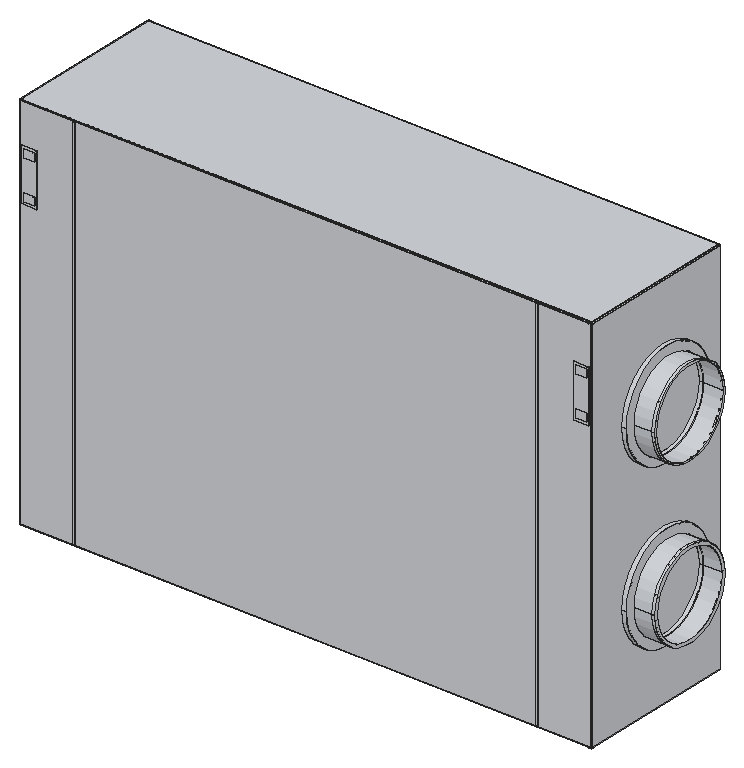
Revit family "Flexit Nordic CL 2 R E 350 L 230", category Mechanical Equipment, Revit 2018
Family settings
  Round Connector Dimension = Use Radius
  Part Type = Normal
  Work Plane-Based = No
  Always vertical = Yes
  Cut with Voids When Loaded = No
  Shared = No
  Room Calculation Point = No
Parameters
  magiProductId = "Flexit Nordic CL 2 R E 350 L 230"
  magiPartTypeId = 210
  magiFamilyGeom = MagiCAD_Flexit Nordic CL 2 R E 350 L 230 : MagiCAD_Flexit Nordic CL 2 R E 350 L 230
  Ytelse  SFP-sum vinter [instance] = "1.68 kJ/m³"
  Weight = 0.00 kg
  Vifte, tilluft  Vinter  Vifteinstilling [instance] = "58 %"
  Vifte, tilluft  Sommer  Vifteinstilling [instance] = ""
  Vifte, avtrekksluft  Vinter  Vifteinstilling [instance] = "60 %"
  Vifte, avtrekksluft  Sommer  Vifteinstilling [instance] = ""
  VersionID = "1.0/2021.0"
  Varmegjenvinning  Vinter  Komponentvirkningsgrad, tilluft (EN308) [instance] = "76.2 %"
  Varmegjenvinning  Sommer  Komponentvirkningsgrad, tilluft (EN308) [instance] = ""
  Varmegjenvinning  Sommer  Aggregatvirkningsgrad, tilluft (EN13141-7) [instance] = ""
  Uteluft [instance] = "160 mm"
  Tilluftskanal, vinter [instance] = "39 50 56 55 56 56 51 40 dB(A)"
  Tilluft  Trykkfall vinter [instance] = 100.0 Pa
  Tilluft  Luftmengde vinter [instance] = "0.0450 m³/s"
  Tilluft [instance] = "160 mm"
  Supply 1 Sound power level [instance] = "66 66 65 58 56 55 50 41 dB"
  Supply 1 Pressure drop min [instance] = 90.0 Pa
  Supply 1 Pressure drop max [instance] = 110.0 Pa
  Supply 1 Pressure drop [instance] = 100.0 Pa
  Supply 1 Airflow operation point min [instance] = 42.75 L/s
  Supply 1 Airflow operation point max [instance] = 47.25 L/s
  Supply 1 Airflow min [instance] = 22.0 L/s
  Supply 1 Airflow max [instance] = 78.0 L/s
  Supply 1 Airflow [instance] = 45.0 L/s
  Resultater  Vekt [instance] = "62 kg"
  Productdata [instance] = "© MagiCAD Group, all rights reserved"
  Pressure rise, supply [instance] = 100.0 Pa
  Pressure rise, extract [instance] = 100.0 Pa
  Outdoor 1 Sound power level [instance] = "66 66 65 58 56 55 50 41 dB"
  Outdoor 1 Pressure drop min [instance] = 0.0 Pa
  Outdoor 1 Pressure drop max [instance] = 0.0 Pa
  Outdoor 1 Pressure drop [instance] = 0.0 Pa
  Outdoor 1 Airflow operation point min [instance] = 42.75 L/s
  Outdoor 1 Airflow operation point max [instance] = 47.25 L/s
  Outdoor 1 Airflow min [instance] = 22.0 L/s
  Outdoor 1 Airflow max [instance] = 78.0 L/s
  Outdoor 1 Airflow [instance] = 45.0 L/s
  Omgivelse, vinter [instance] = "26 30 39 39 35 36 33 23 dB(A)"
  Kjøkkenkanal [instance] = "125 mm"
  Himling, vinter [instance] = "25 25 34 28 26 27 23 14 dB(A)"
  Generelt  Informasjon [instance] = ""
  Generelt  Beskrivelse / Plassering [instance] = ""
  Extract 9 Sound power level [instance] = "63 59 57 39 37 37 24 22 dB"
  Extract 9 Pressure drop min [instance] = 0.0 Pa
  Extract 9 Pressure drop max [instance] = 0.0 Pa
  Extract 9 Pressure drop [instance] = 0.0 Pa
  Extract 9 Airflow operation point min [instance] = 42.75 L/s
  Extract 9 Airflow operation point max [instance] = 47.25 L/s
  Extract 9 Airflow min [instance] = 22.0 L/s
  Extract 9 Airflow max [instance] = 78.0 L/s
  Extract 9 Airflow [instance] = 45.0 L/s
  Extract 1 Sound power level [instance] = "63 59 57 39 37 37 24 22 dB"
  Extract 1 Pressure drop min [instance] = 90.0 Pa
  Extract 1 Pressure drop max [instance] = 110.0 Pa
  Extract 1 Pressure drop [instance] = 100.0 Pa
  Extract 1 Airflow operation point min [instance] = 42.75 L/s
  Extract 1 Airflow operation point max [instance] = 47.25 L/s
  Extract 1 Airflow min [instance] = 22.0 L/s
  Extract 1 Airflow max [instance] = 78.0 L/s
  Extract 1 Airflow [instance] = 45.0 L/s
  Exhaust 1 Sound power level [instance] = "63 59 57 39 37 37 24 22 dB"
  Exhaust 1 Pressure drop min [instance] = 0.0 Pa
  Exhaust 1 Pressure drop max [instance] = 0.0 Pa
  Exhaust 1 Pressure drop [instance] = 0.0 Pa
  Exhaust 1 Airflow operation point min [instance] = 42.75 L/s
  Exhaust 1 Airflow operation point max [instance] = 47.25 L/s
  Exhaust 1 Airflow min [instance] = 22.0 L/s
  Exhaust 1 Airflow max [instance] = 78.0 L/s
  Exhaust 1 Airflow [instance] = 45.0 L/s
  Dimensjoner [instance] = "1149x296x767 mm"
  Avtrekkskanal, vinter [instance] = "37 43 49 36 37 38 25 21 dB(A)"
  Avtrekk  Trykkfall vinter [instance] = 100.0 Pa
  Avtrekk  Luftmengde vinter [instance] = "0.0450 m³/s"
  Avtrekk [instance] = "160 mm"
  Avkast [instance] = "160 mm"
Reference planes
  plane 1 "Center (Front/Back)": y = 0
  plane 2: z = 0
  plane 3 "Center (Left/Right)": x = 0
Forms (mm)
  Extrusion 1, solid, not visible
    sketch origin (1149, 163, 267) x (0, 1, 0) y (0, 0, 1)
      loop
        line (15.24, 15.24) -> (-15.24, 15.24) -> (-15.24, -15.24) -> (15.24, -15.24) -> (15.24, 15.24)
    from 0 to -30.48
  Extrusion 2, solid, not visible
    sketch origin (0, 163, 567) x (0, -1, 0) y (0, 0, 1)
      loop
        line (-15.24, -15.24) -> (15.24, -15.24) -> (15.24, 15.24) -> (-15.24, 15.24) -> (-15.24, -15.24)
    from 0 to -30.48
  Extrusion 3, solid, not visible
    sketch origin (1149, 163, 567) x (0, 1, 0) y (0, 0, 1)
      loop
        line (15.24, 15.24) -> (-15.24, 15.24) -> (-15.24, -15.24) -> (15.24, -15.24) -> (15.24, 15.24)
    from 0 to -30.48
  Extrusion 4, solid, not visible
    sketch origin (288, 163, 0) x (0, 1, 0) y (1, 0, 0)
      loop
        line (-15.24, 15.24) -> (-15.24, -15.24) -> (15.24, -15.24) -> (15.24, 15.24) -> (-15.24, 15.24)
    from 0 to -30.48
  Extrusion 5, solid, not visible
    sketch origin (0, 163, 267) x (0, -1, 0) y (0, 0, 1)
      loop
        line (-15.24, -15.24) -> (15.24, -15.24) -> (15.24, 15.24) -> (-15.24, 15.24) -> (-15.24, -15.24)
    from 0 to -30.48
Text (mm)
  text "© MagiCAD Group, all rights reserved" at (-487.68, -1524, 0), in view "Ref. Level"
Nested families
  nested 1: "MagiCAD_Flexit Nordic CL 2 R E 350 L 230" at (0, 0, 0), type <- "magiFamilyGeom", type "MagiCAD_Flexit Nordic CL 2 R E 350 L 230"
Connectors
  hvac at (1149, 163, 267)
    settings: on Extrusion 1, index 1, duct flow 0.0 L/s, flow factor 0, pres drop 0.0 Pa, loss coef 0, conn angle 0.00°, conn width 304.8 mm, conn height 304.8 mm, conn diameter 160 mm, duct sys type 1, conn prof type 0, flow config 0, flow direction 2, loss method 0, conn ref index -1, conn util no, is conn primary yes, conn desc "Supply 1"
  hvac at (0, 163, 567)
    settings: on Extrusion 2, index 2, duct flow 0.0 L/s, flow factor 0, pres drop 0.0 Pa, loss coef 0, conn angle 0.00°, conn width 304.8 mm, conn height 304.8 mm, conn diameter 160 mm, duct sys type 1, conn prof type 0, flow config 0, flow direction 1, loss method 0, conn ref index -1, conn util no, is conn primary no, conn desc "Outdoor 1"
  hvac at (1149, 163, 567)
    settings: on Extrusion 3, index 3, duct flow 0.0 L/s, flow factor 0, pres drop 0.0 Pa, loss coef 0, conn angle 0.00°, conn width 304.8 mm, conn height 304.8 mm, conn diameter 160 mm, duct sys type 2, conn prof type 0, flow config 0, flow direction 1, loss method 0, conn ref index -1, conn util no, is conn primary no, conn desc "Extract 1"
  hvac at (288, 163, 0)
    settings: on Extrusion 4, index 4, duct flow 0.0 L/s, flow factor 0, pres drop 0.0 Pa, loss coef 0, conn angle 0.00°, conn width 304.8 mm, conn height 304.8 mm, conn diameter 125 mm, duct sys type 2, conn prof type 0, flow config 0, flow direction 1, loss method 0, conn ref index -1, conn util no, is conn primary no, conn desc "Extract 9"
  hvac at (0, 163, 267)
    settings: on Extrusion 5, index 5, duct flow 0.0 L/s, flow factor 0, pres drop 0.0 Pa, loss coef 0, conn angle 0.00°, conn width 304.8 mm, conn height 304.8 mm, conn diameter 160 mm, duct sys type 3, conn prof type 0, flow config 0, flow direction 2, loss method 0, conn ref index -1, conn util no, is conn primary no, conn desc "Exhaust 1"
Definition of nested family "MagiCAD_Flexit Nordic CL 2 R E 350 L 230"
  Reference planes
    plane 1 "Center (Front/Back)": y = 0
    plane 2: z = 0
    plane 3 "Center (Left/Right)": x = 0
  Forms (mm)
    Extrusion 1, solid
      sketch origin (49.5, 163, 267) x (0, -1, 0) y (0, 0, 1)
        loop
          circle (0, 0) r 79.9
      from 0 to 2
    Extrusion 2, void
      sketch origin (49.5, 163, 267) x (0, -1, 0) y (0, 0, 1)
        loop
          circle (0, 0) r 79.7
      from 0.2 to 2
    Extrusion 3, solid
      sketch origin (49.5, 163, 267) x (0, -1, 0) y (0, 0, 1)
        loop
          circle (0, 0) r 80
      from 0 to 49.5
    Extrusion 4, void
      sketch origin (49.5, 163, 267) x (0, -1, 0) y (0, 0, 1)
        loop
          circle (0, 0) r 79.8
      from 0 to 49.5
    Extrusion 5, solid
      sketch origin (49.5, 163, 267) x (0, -1, 0) y (0, 0, 1)
        loop
          circle (0, 0) r 96
      from 0 to 10
    Extrusion 6, void
      sketch origin (49.5, 163, 267) x (0, -1, 0) y (0, 0, 1)
        loop
          circle (0, 0) r 95.8
      from 0 to 10
    Extrusion 7, solid
      sketch origin (4.95, 163, 267) x (0, -1, 0) y (0, 0, 1)
        loop
          circle (0, 0) r 80.05
      from 0 to 4.95
    Extrusion 8, void
      sketch origin (4.95, 163, 267) x (0, -1, 0) y (0, 0, 1)
        loop
          circle (0, 0) r 79.85
      from 0 to 4.95
    Extrusion 9, solid
      sketch origin (1099.5, 163, 567) x (0, 1, 0) y (0, 0, 1)
        loop
          circle (0, 0) r 79.9
      from 0 to 2
    Extrusion 10, void
      sketch origin (1099.5, 163, 567) x (0, 1, 0) y (0, 0, 1)
        loop
          circle (0, 0) r 79.7
      from 0.2 to 2
    Extrusion 11, solid
      sketch origin (1099.5, 163, 567) x (0, 1, 0) y (0, 0, 1)
        loop
          circle (0, 0) r 80
      from 0 to 49.5
    Extrusion 12, void
      sketch origin (1099.5, 163, 567) x (0, 1, 0) y (0, 0, 1)
        loop
          circle (0, 0) r 79.8
      from 0 to 49.5
    Extrusion 13, solid
      sketch origin (1099.5, 163, 567) x (0, 1, 0) y (0, 0, 1)
        loop
          circle (0, 0) r 96
      from 0 to 10
    Extrusion 14, void
      sketch origin (1099.5, 163, 567) x (0, 1, 0) y (0, 0, 1)
        loop
          circle (0, 0) r 95.8
      from 0 to 10
    Extrusion 15, solid
      sketch origin (1144.05, 163, 567) x (0, 1, 0) y (0, 0, 1)
        loop
          circle (0, 0) r 80.05
      from 0 to 4.95
    Extrusion 16, void
      sketch origin (1144.05, 163, 567) x (0, 1, 0) y (0, 0, 1)
        loop
          circle (0, 0) r 79.85
      from 0 to 4.95
    Extrusion 17, solid
      sketch origin (49.5, 163, 567) x (0, -1, 0) y (0, 0, 1)
        loop
          circle (0, 0) r 79.9
      from 0 to 2
    Extrusion 18, void
      sketch origin (49.5, 163, 567) x (0, -1, 0) y (0, 0, 1)
        loop
          circle (0, 0) r 79.7
      from 0.2 to 2
    Extrusion 19, solid
      sketch origin (49.5, 163, 567) x (0, -1, 0) y (0, 0, 1)
        loop
          circle (0, 0) r 80
      from 0 to 49.5
    Extrusion 20, void
      sketch origin (49.5, 163, 567) x (0, -1, 0) y (0, 0, 1)
        loop
          circle (0, 0) r 79.8
      from 0 to 49.5
    Extrusion 21, solid
      sketch origin (49.5, 163, 567) x (0, -1, 0) y (0, 0, 1)
        loop
          circle (0, 0) r 96
      from 0 to 10
    Extrusion 22, void
      sketch origin (49.5, 163, 567) x (0, -1, 0) y (0, 0, 1)
        loop
          circle (0, 0) r 95.8
      from 0 to 10
    Extrusion 23, solid
      sketch origin (4.95, 163, 567) x (0, -1, 0) y (0, 0, 1)
        loop
          circle (0, 0) r 80.05
      from 0 to 4.95
    Extrusion 24, void
      sketch origin (4.95, 163, 567) x (0, -1, 0) y (0, 0, 1)
        loop
          circle (0, 0) r 79.85
      from 0 to 4.95
    Extrusion 25, solid
      sketch origin (1099.5, 163, 267) x (0, 1, 0) y (0, 0, 1)
        loop
          circle (0, 0) r 79.9
      from 0 to 2
    Extrusion 26, void
      sketch origin (1099.5, 163, 267) x (0, 1, 0) y (0, 0, 1)
        loop
          circle (0, 0) r 79.7
      from 0.2 to 2
    Extrusion 27, solid
      sketch origin (1099.5, 163, 267) x (0, 1, 0) y (0, 0, 1)
        loop
          circle (0, 0) r 80
      from 0 to 49.5
    Extrusion 28, void
      sketch origin (1099.5, 163, 267) x (0, 1, 0) y (0, 0, 1)
        loop
          circle (0, 0) r 79.8
      from 0 to 49.5
    Extrusion 29, solid
      sketch origin (1099.5, 163, 267) x (0, 1, 0) y (0, 0, 1)
        loop
          circle (0, 0) r 96
      from 0 to 10
    Extrusion 30, void
      sketch origin (1099.5, 163, 267) x (0, 1, 0) y (0, 0, 1)
        loop
          circle (0, 0) r 95.8
      from 0 to 10
    Extrusion 31, solid
      sketch origin (1144.05, 163, 267) x (0, 1, 0) y (0, 0, 1)
        loop
          circle (0, 0) r 80.05
      from 0 to 4.95
    Extrusion 32, void
      sketch origin (1144.05, 163, 267) x (0, 1, 0) y (0, 0, 1)
        loop
          circle (0, 0) r 79.85
      from 0 to 4.95
    Extrusion 33, solid
      sketch origin (288, 163, 67) x (0, 1, 0) y (1, 0, 0)
        loop
          circle (0, 0) r 62.4
      from 0 to 2
    Extrusion 34, void
      sketch origin (288, 163, 67) x (0, 1, 0) y (1, 0, 0)
        loop
          circle (0, 0) r 62.2
      from 0.2 to 2
    Extrusion 35, solid
      sketch origin (288, 163, 67) x (0, 1, 0) y (1, 0, 0)
        loop
          circle (0, 0) r 62.5
      from 0 to 67
    Extrusion 36, void
      sketch origin (288, 163, 67) x (0, 1, 0) y (1, 0, 0)
        loop
          circle (0, 0) r 62.3
      from 0 to 67
    Extrusion 37, solid
      sketch origin (288, 163, 67) x (0, 1, 0) y (1, 0, 0)
        loop
          circle (0, 0) r 75
      from 0 to 10
    Extrusion 38, void
      sketch origin (288, 163, 67) x (0, 1, 0) y (1, 0, 0)
        loop
          circle (0, 0) r 74.8
      from 0 to 10
    Extrusion 39, solid
      sketch origin (288, 163, 6.7) x (0, 1, 0) y (1, 0, 0)
        loop
          circle (0, 0) r 62.55
      from 0 to 6.7
    Extrusion 40, void
      sketch origin (288, 163, 6.7) x (0, 1, 0) y (1, 0, 0)
        loop
          circle (0, 0) r 62.35
      from 0 to 6.7
    Extrusion 41, solid
      sketch origin (39.5, 163, 267) x (0, -1, 0) y (0, 0, 1)
        loop
          circle (0, 0) r 80.05
        loop
          circle (0, 0) r 96
      from -0.1 to 0.1
    Extrusion 42, solid
      sketch origin (47.5, 163, 267) x (0, -1, 0) y (0, 0, 1)
        loop
          circle (0, 0) r 79.9
      from -0.1 to 0.1
    Extrusion 43, solid
      sketch origin (0, 163, 267) x (0, -1, 0) y (0, 0, 1)
        loop
          circle (0, 0) r 78
        loop
          circle (0, 0) r 80
      from -0.1 to 0.1
    Extrusion 44, solid
      sketch origin (1109.5, 163, 567) x (0, 1, 0) y (0, 0, 1)
        loop
          circle (0, 0) r 80.05
        loop
          circle (0, 0) r 96
      from -0.1 to 0.1
    Extrusion 45, solid
      sketch origin (1101.5, 163, 567) x (0, 1, 0) y (0, 0, 1)
        loop
          circle (0, 0) r 79.9
      from -0.1 to 0.1
    Extrusion 46, solid
      sketch origin (1149, 163, 567) x (0, 1, 0) y (0, 0, 1)
        loop
          circle (0, 0) r 78
        loop
          circle (0, 0) r 80
      from -0.1 to 0.1
    Extrusion 47, solid
      sketch origin (39.5, 163, 567) x (0, -1, 0) y (0, 0, 1)
        loop
          circle (0, 0) r 80.05
        loop
          circle (0, 0) r 96
      from -0.1 to 0.1
    Extrusion 48, solid
      sketch origin (47.5, 163, 567) x (0, -1, 0) y (0, 0, 1)
        loop
          circle (0, 0) r 79.9
      from -0.1 to 0.1
    Extrusion 49, solid
      sketch origin (0, 163, 567) x (0, -1, 0) y (0, 0, 1)
        loop
          circle (0, 0) r 78
        loop
          circle (0, 0) r 80
      from -0.1 to 0.1
    Extrusion 50, solid
      sketch origin (1109.5, 163, 267) x (0, 1, 0) y (0, 0, 1)
        loop
          circle (0, 0) r 80.05
        loop
          circle (0, 0) r 96
      from -0.1 to 0.1
    Extrusion 51, solid
      sketch origin (1101.5, 163, 267) x (0, 1, 0) y (0, 0, 1)
        loop
          circle (0, 0) r 79.9
      from -0.1 to 0.1
    Extrusion 52, solid
      sketch origin (1149, 163, 267) x (0, 1, 0) y (0, 0, 1)
        loop
          circle (0, 0) r 75.05
        loop
          circle (0, 0) r 80
      from -0.1 to 0.1
    Extrusion 53, solid
      sketch origin (288, 163, 57) x (0, 1, 0) y (1, 0, 0)
        loop
          circle (0, 0) r 62.55
        loop
          circle (0, 0) r 75
      from -0.1 to 0.1
    Extrusion 54, solid
      sketch origin (288, 163, 65) x (0, 1, 0) y (1, 0, 0)
        loop
          circle (0, 0) r 62.4
      from -0.1 to 0.1
    Extrusion 55, solid
      sketch origin (288, 163, 0) x (0, 1, 0) y (1, 0, 0)
        loop
          circle (0, 0) r 60.5
        loop
          circle (0, 0) r 62.5
      from -0.1 to 0.1
    Extrusion 56, solid
      sketch origin (51.5, 294, 765) x (1, 0, 0) y (0, 1, 0)
        loop
          line (1046, 0) -> (1046, 2) -> (0, 2) -> (0, 0) -> (1046, 0)
      from -0.1 to 0.1
    Extrusion 57, solid
      sketch origin (51.5, 294, 767) x (0, 0, 1) y (1, 0, 0)
        loop
          line (0, 1046) -> (-2, 1046) -> (-2, 0) -> (0, 0) -> (0, 1046)
      from -0.1 to 0.1
    Extrusion 58, solid
      sketch origin (51.5, 296, 765) x (1, 0, 0) y (0, -0.707107, 0.707107)
        loop
          line (1046, 0) -> (1046, 2.828) -> (0, 2.828) -> (0, 0) -> (1046, 0)
      from -0.1 to 0.1
    Extrusion 59, solid
      sketch origin (1097.5, 294, 765) x (0, 1, 0) y (0, 0, 1)
        loop
          line (2, 0) -> (0, 2) -> (0, 0) -> (2, 0)
      from -0.1 to 0.1
    Extrusion 60, solid
      sketch origin (51.5, 294, 765) x (0, 1, 0) y (0, 0, 1)
        loop
          line (2, 0) -> (0, 2) -> (0, 0) -> (2, 0)
      from -0.1 to 0.1
    Extrusion 61, solid
      sketch origin (51.5, 294, 69) x (0, 0, 1) y (1, 0, 0)
        loop
          line (0, 1046) -> (-2, 1046) -> (-2, 0) -> (0, 0) -> (0, 1046)
      from -0.1 to 0.1
    Extrusion 62, solid
      sketch origin (51.5, 296, 69) x (0, 1, 0) y (1, 0, 0)
        loop
          line (0, 1046) -> (-2, 1046) -> (-2, 0) -> (0, 0) -> (0, 1046)
      from -0.1 to 0.1
    Extrusion 63, solid
      sketch origin (51.5, 294, 67) x (1, 0, 0) y (0, 0.707107, 0.707107)
        loop
          line (1046, 0) -> (1046, 2.828) -> (0, 2.828) -> (0, 0) -> (1046, 0)
      from -0.1 to 0.1
    Extrusion 64, solid
      sketch origin (1097.5, 294, 69) x (0, 1, 0) y (0, 0, 1)
        loop
          line (0, -2) -> (2, 0) -> (0, 0) -> (0, -2)
      from -0.1 to 0.1
    Extrusion 65, solid
      sketch origin (51.5, 294, 69) x (0, 1, 0) y (0, 0, 1)
        loop
          line (0, -2) -> (2, 0) -> (0, 0) -> (0, -2)
      from -0.1 to 0.1
    Extrusion 66, solid
      sketch origin (1097.5, 294, 765) x (0, 1, 0) y (0, 0, 1)
        loop
          line (0, -696) -> (2, -696) -> (2, 0) -> (0, 0) -> (0, -696)
      from -0.1 to 0.1
    Extrusion 67, solid
      sketch origin (1099.5, 294, 765) x (0, 0, 1) y (1, 0, 0)
        loop
          line (-696, 0) -> (-696, -2) -> (0, -2) -> (0, 0) -> (-696, 0)
      from -0.1 to 0.1
    Extrusion 68, solid
      sketch origin (1097.5, 296, 765) x (0.707107, -0.707107, 0) y (0, 0, 1)
        loop
          line (0, -696) -> (2.828, -696) -> (2.828, 0) -> (0, 0) -> (0, -696)
      from -0.1 to 0.1
    Extrusion 69, solid
      sketch origin (1097.5, 294, 69) x (0, 1, 0) y (1, 0, 0)
        loop
          line (2, 0) -> (0, 2) -> (0, 0) -> (2, 0)
      from -0.1 to 0.1
    Extrusion 70, solid
      sketch origin (1097.5, 294, 765) x (0, 1, 0) y (1, 0, 0)
        loop
          line (2, 0) -> (0, 2) -> (0, 0) -> (2, 0)
      from -0.1 to 0.1
    Extrusion 71, solid
      sketch origin (51.5, 294, 765) x (0, 1, 0) y (0, 0, 1)
        loop
          line (0, -696) -> (2, -696) -> (2, 0) -> (0, 0) -> (0, -696)
      from -0.1 to 0.1
    Extrusion 72, solid
      sketch origin (49.5, 294, 765) x (0, 0, -1) y (1, 0, 0)
        loop
          line (696, 0) -> (696, 2) -> (0, 2) -> (0, 0) -> (696, 0)
      from -0.1 to 0.1
    Extrusion 73, solid
      sketch origin (51.5, 296, 765) x (0.707107, 0.707107, 0) y (0, 0, -1)
        loop
          line (0, 696) -> (-2.828, 696) -> (-2.828, 0) -> (0, 0) -> (0, 696)
      from -0.1 to 0.1
    Extrusion 74, solid
      sketch origin (51.5, 294, 69) x (1, 0, 0) y (0, 1, 0)
        loop
          line (0, 2) -> (-2, 0) -> (0, 0) -> (0, 2)
      from -0.1 to 0.1
    Extrusion 75, solid
      sketch origin (51.5, 294, 765) x (1, 0, 0) y (0, 1, 0)
        loop
          line (0, 2) -> (-2, 0) -> (0, 0) -> (0, 2)
      from -0.1 to 0.1
    Extrusion 76, solid
      sketch origin (1097.5, 2, 765) x (0, 0, -1) y (1, 0, 0)
        loop
          line (696, 0) -> (696, 2) -> (0, 2) -> (0, 0) -> (696, 0)
      from -0.1 to 0.1
    Extrusion 77, solid
      sketch origin (1097.5, 0, 765) x (0, 1, 0) y (0, 0, 1)
        loop
          line (0, -696) -> (2, -696) -> (2, 0) -> (0, 0) -> (0, -696)
      from -0.1 to 0.1
    Extrusion 78, solid
      sketch origin (1099.5, 2, 765) x (0.707107, 0.707107, 0) y (0, 0, -1)
        loop
          line (0, 696) -> (-2.828, 696) -> (-2.828, 0) -> (0, 0) -> (0, 696)
      from -0.1 to 0.1
    Extrusion 79, solid
      sketch origin (1097.5, 2, 69) x (0, 1, 0) y (1, 0, 0)
        loop
          line (0, 2) -> (-2, 0) -> (0, 0) -> (0, 2)
      from -0.1 to 0.1
    Extrusion 80, solid
      sketch origin (1097.5, 2, 765) x (0, 1, 0) y (1, 0, 0)
        loop
          line (0, 2) -> (-2, 0) -> (0, 0) -> (0, 2)
      from -0.1 to 0.1
    Extrusion 81, solid
      sketch origin (51.5, 2, 765) x (0, 0, 1) y (1, 0, 0)
        loop
          line (-696, 0) -> (-696, -2) -> (0, -2) -> (0, 0) -> (-696, 0)
      from -0.1 to 0.1
    Extrusion 82, solid
      sketch origin (51.5, 0, 765) x (0, 1, 0) y (0, 0, 1)
        loop
          line (0, -696) -> (2, -696) -> (2, 0) -> (0, 0) -> (0, -696)
      from -0.1 to 0.1
    Extrusion 83, solid
      sketch origin (49.5, 2, 765) x (0.707107, -0.707107, 0) y (0, 0, 1)
        loop
          line (0, -696) -> (2.828, -696) -> (2.828, 0) -> (0, 0) -> (0, -696)
      from -0.1 to 0.1
    Extrusion 84, solid
      sketch origin (51.5, 2, 69) x (1, 0, 0) y (0, 1, 0)
        loop
          line (-2, 0) -> (0, -2) -> (0, 0) -> (-2, 0)
      from -0.1 to 0.1
    Extrusion 85, solid
      sketch origin (51.5, 2, 765) x (1, 0, 0) y (0, 1, 0)
        loop
          line (-2, 0) -> (0, -2) -> (0, 0) -> (-2, 0)
      from -0.1 to 0.1
    Extrusion 86, solid
      sketch origin (51.5, 2, 765) x (0, 0, -1) y (1, 0, 0)
        loop
          line (0, 1046) -> (-2, 1046) -> (-2, 0) -> (0, 0) -> (0, 1046)
      from -0.1 to 0.1
    Extrusion 87, solid
      sketch origin (51.5, 0, 765) x (1, 0, 0) y (0, 1, 0)
        loop
          line (1046, 0) -> (1046, 2) -> (0, 2) -> (0, 0) -> (1046, 0)
      from -0.1 to 0.1
    Extrusion 88, solid
      sketch origin (51.5, 2, 767) x (1, 0, 0) y (0, -0.707107, -0.707107)
        loop
          line (1046, 0) -> (1046, 2.828) -> (0, 2.828) -> (0, 0) -> (1046, 0)
      from -0.1 to 0.1
    Extrusion 89, solid
      sketch origin (1097.5, 2, 765) x (0, 1, 0) y (0, 0, 1)
        loop
          line (0, 2) -> (-2, 0) -> (0, 0) -> (0, 2)
      from -0.1 to 0.1
    Extrusion 90, solid
      sketch origin (51.5, 2, 765) x (0, 1, 0) y (0, 0, 1)
        loop
          line (0, 2) -> (-2, 0) -> (0, 0) -> (0, 2)
      from -0.1 to 0.1
    Extrusion 91, solid
      sketch origin (51.5, 2, 69) x (0, 1, 0) y (1, 0, 0)
        loop
          line (0, 1046) -> (-2, 1046) -> (-2, 0) -> (0, 0) -> (0, 1046)
      from -0.1 to 0.1
    Extrusion 92, solid
      sketch origin (51.5, 2, 67) x (0, 0, -1) y (1, 0, 0)
        loop
          line (0, 1046) -> (-2, 1046) -> (-2, 0) -> (0, 0) -> (0, 1046)
      from -0.1 to 0.1
    Extrusion 93, solid
      sketch origin (51.5, 0, 69) x (1, 0, 0) y (0, 0.707107, -0.707107)
        loop
          line (1046, 0) -> (1046, 2.828) -> (0, 2.828) -> (0, 0) -> (1046, 0)
      from -0.1 to 0.1
    Extrusion 94, solid
      sketch origin (1097.5, 2, 69) x (0, 1, 0) y (0, 0, 1)
        loop
          line (-2, 0) -> (0, -2) -> (0, 0) -> (-2, 0)
      from -0.1 to 0.1
    Extrusion 95, solid
      sketch origin (51.5, 2, 69) x (0, 1, 0) y (0, 0, 1)
        loop
          line (-2, 0) -> (0, -2) -> (0, 0) -> (-2, 0)
      from -0.1 to 0.1
    Extrusion 96, solid
      sketch origin (1097.5, 2, 765) x (0, 1, 0) y (0, 0, 1)
        loop
          line (292, 0) -> (292, 2) -> (0, 2) -> (0, 0) -> (292, 0)
      from -0.1 to 0.1
    Extrusion 97, solid
      sketch origin (1099.5, 2, 765) x (1, 0, 0) y (0, 1, 0)
        loop
          line (0, 292) -> (-2, 292) -> (-2, 0) -> (0, 0) -> (0, 292)
      from -0.1 to 0.1
    Extrusion 98, solid
      sketch origin (1097.5, 2, 767) x (0.707107, 0, -0.707107) y (0, -1, 0)
        loop
          line (0, -292) -> (2.828, -292) -> (2.828, 0) -> (0, 0) -> (0, -292)
      from -0.1 to 0.1
    Extrusion 99, solid
      sketch origin (1097.5, 294, 765) x (0, 0, 1) y (1, 0, 0)
        loop
          line (2, 0) -> (0, 2) -> (0, 0) -> (2, 0)
      from -0.1 to 0.1
    Extrusion 100, solid
      sketch origin (1097.5, 2, 765) x (0, 0, 1) y (1, 0, 0)
        loop
          line (2, 0) -> (0, 2) -> (0, 0) -> (2, 0)
      from -0.1 to 0.1
    Extrusion 101, solid
      sketch origin (1097.5, 2, 69) x (0, 1, 0) y (1, 0, 0)
        loop
          line (292, 0) -> (292, 2) -> (0, 2) -> (0, 0) -> (292, 0)
      from -0.1 to 0.1
    Extrusion 102, solid
      sketch origin (1097.5, 2, 67) x (0, 1, 0) y (0, 0, 1)
        loop
          line (292, 0) -> (292, 2) -> (0, 2) -> (0, 0) -> (292, 0)
      from -0.1 to 0.1
    Extrusion 103, solid
      sketch origin (1099.5, 2, 69) x (0.707107, 0, 0.707107) y (0, 1, 0)
        loop
          line (0, 292) -> (-2.828, 292) -> (-2.828, 0) -> (0, 0) -> (0, 292)
      from -0.1 to 0.1
    Extrusion 104, solid
      sketch origin (1097.5, 294, 69) x (0, 0, 1) y (1, 0, 0)
        loop
          line (0, 2) -> (-2, 0) -> (0, 0) -> (0, 2)
      from -0.1 to 0.1
    Extrusion 105, solid
      sketch origin (1097.5, 2, 69) x (0, 0, 1) y (1, 0, 0)
        loop
          line (0, 2) -> (-2, 0) -> (0, 0) -> (0, 2)
      from -0.1 to 0.1
    Extrusion 106, solid
      sketch origin (51.5, 2, 765) x (0, 1, 0) y (0, 0, 1)
        loop
          line (292, 0) -> (292, 2) -> (0, 2) -> (0, 0) -> (292, 0)
      from -0.1 to 0.1
    Extrusion 107, solid
      sketch origin (49.5, 2, 765) x (0, 1, 0) y (1, 0, 0)
        loop
          line (292, 0) -> (292, 2) -> (0, 2) -> (0, 0) -> (292, 0)
      from -0.1 to 0.1
    Extrusion 108, solid
      sketch origin (51.5, 2, 767) x (0.707107, 0, 0.707107) y (0, 1, 0)
        loop
          line (0, 292) -> (-2.828, 292) -> (-2.828, 0) -> (0, 0) -> (0, 292)
      from -0.1 to 0.1
    Extrusion 109, solid
      sketch origin (51.5, 294, 765) x (0, 0, -1) y (1, 0, 0)
        loop
          line (-2, 0) -> (0, -2) -> (0, 0) -> (-2, 0)
      from -0.1 to 0.1
    Extrusion 110, solid
      sketch origin (51.5, 2, 765) x (0, 0, -1) y (1, 0, 0)
        loop
          line (-2, 0) -> (0, -2) -> (0, 0) -> (-2, 0)
      from -0.1 to 0.1
    Extrusion 111, solid
      sketch origin (51.5, 2, 69) x (1, 0, 0) y (0, 1, 0)
        loop
          line (0, 292) -> (-2, 292) -> (-2, 0) -> (0, 0) -> (0, 292)
      from -0.1 to 0.1
    Extrusion 112, solid
      sketch origin (51.5, 2, 67) x (0, 1, 0) y (0, 0, 1)
        loop
          line (292, 0) -> (292, 2) -> (0, 2) -> (0, 0) -> (292, 0)
      from -0.1 to 0.1
    Extrusion 113, solid
      sketch origin (49.5, 2, 69) x (0.707107, 0, -0.707107) y (0, -1, 0)
        loop
          line (0, -292) -> (2.828, -292) -> (2.828, 0) -> (0, 0) -> (0, -292)
      from -0.1 to 0.1
    Extrusion 114, solid
      sketch origin (51.5, 294, 69) x (0, 0, -1) y (1, 0, 0)
        loop
          line (0, -2) -> (2, 0) -> (0, 0) -> (0, -2)
      from -0.1 to 0.1
    Extrusion 115, solid
      sketch origin (51.5, 2, 69) x (0, 0, -1) y (1, 0, 0)
        loop
          line (0, -2) -> (2, 0) -> (0, 0) -> (0, -2)
      from -0.1 to 0.1
    Extrusion 116, solid
      sketch origin (51.5, 2, 765) x (0, -1, 0) y (0, 0, 1)
        loop
          line (0, 2) -> (-292, 2) -> (-292, 0) -> (0, 0) -> (0, 2)
      from -0.1 to 0.1
    Extrusion 117, solid
      sketch origin (1097.5, 2, 765) x (0, 0, -1) y (1, 0, 0)
        loop
          line (-2, 0) -> (-2, -1046) -> (0, -1046) -> (0, 0) -> (-2, 0)
      from -0.1 to 0.1
    Extrusion 118, solid
      sketch origin (1097.5, 294, 765) x (0, 1, 0) y (0, 0, 1)
        loop
          line (0, 2) -> (-292, 2) -> (-292, 0) -> (0, 0) -> (0, 2)
      from -0.1 to 0.1
    Extrusion 119, solid
      sketch origin (51.5, 294, 765) x (0, 0, 1) y (1, 0, 0)
        loop
          line (2, 0) -> (2, 1046) -> (0, 1046) -> (0, 0) -> (2, 0)
      from -0.1 to 0.1
    Extrusion 120, solid
      sketch origin (1097.5, 2, 767) x (1, 0, 0) y (0, 1, 0)
        loop
          line (0, 292) -> (-1046, 292) -> (-1046, 0) -> (0, 0) -> (0, 292)
      from -0.1 to 0.1
    Extrusion 121, solid
      sketch origin (1097.5, 2, 765) x (1, 0, 0) y (0, 1, 0)
        loop
          line (0, 292) -> (-1046, 292) -> (-1046, 0) -> (0, 0) -> (0, 292)
      from -0.1 to 0.1
    Extrusion 122, solid
      sketch origin (51.5, 2, 69) x (0, 0, 1) y (1, 0, 0)
        loop
          line (0, -2) -> (696, -2) -> (696, 0) -> (0, 0) -> (0, -2)
      from -0.1 to 0.1
    Extrusion 123, solid
      sketch origin (51.5, 294, 69) x (1, 0, 0) y (0, 1, 0)
        loop
          line (-2, 0) -> (-2, -292) -> (0, -292) -> (0, 0) -> (-2, 0)
      from -0.1 to 0.1
    Extrusion 124, solid
      sketch origin (51.5, 294, 765) x (0, 0, -1) y (1, 0, 0)
        loop
          line (0, -2) -> (696, -2) -> (696, 0) -> (0, 0) -> (0, -2)
      from -0.1 to 0.1
    Extrusion 125, solid
      sketch origin (51.5, 2, 765) x (0, 1, 0) y (1, 0, 0)
        loop
          line (0, -2) -> (292, -2) -> (292, 0) -> (0, 0) -> (0, -2)
      from -0.1 to 0.1
    Extrusion 126, solid
      sketch origin (49.5, 2, 69) x (0, -1, 0) y (0, 0, 1)
        loop
          line (0, 696) -> (-292, 696) -> (-292, 0) -> (0, 0) -> (0, 696)
      from -0.1 to 0.1
    Extrusion 127, solid
      sketch origin (51.5, 2, 69) x (0, -1, 0) y (0, 0, 1)
        loop
          line (0, 696) -> (-292, 696) -> (-292, 0) -> (0, 0) -> (0, 696)
      from -0.1 to 0.1
    Extrusion 128, solid
      sketch origin (51.5, 294, 69) x (0, 1, 0) y (0, 0, 1)
        loop
          line (2, 0) -> (2, 696) -> (0, 696) -> (0, 0) -> (2, 0)
      from -0.1 to 0.1
    Extrusion 129, solid
      sketch origin (1097.5, 294, 69) x (1, 0, 0) y (0, 1, 0)
        loop
          line (0, 2) -> (-1046, 2) -> (-1046, 0) -> (0, 0) -> (0, 2)
      from -0.1 to 0.1
    Extrusion 130, solid
      sketch origin (1097.5, 294, 765) x (0, -1, 0) y (0, 0, 1)
        loop
          line (-2, 0) -> (-2, -696) -> (0, -696) -> (0, 0) -> (-2, 0)
      from -0.1 to 0.1
    Extrusion 131, solid
      sketch origin (51.5, 294, 765) x (0, 1, 0) y (1, 0, 0)
        loop
          line (2, 0) -> (2, 1046) -> (0, 1046) -> (0, 0) -> (2, 0)
      from -0.1 to 0.1
    Extrusion 132, solid
      sketch origin (51.5, 296, 69) x (0, 0, 1) y (1, 0, 0)
        loop
          line (696, 0) -> (696, 1046) -> (0, 1046) -> (0, 0) -> (696, 0)
      from -0.1 to 0.1
    Extrusion 133, solid
      sketch origin (51.5, 294, 69) x (0, 0, 1) y (1, 0, 0)
        loop
          line (696, 0) -> (696, 1046) -> (0, 1046) -> (0, 0) -> (696, 0)
      from -0.1 to 0.1
    Extrusion 134, solid
      sketch origin (1097.5, 294, 69) x (0, 0, -1) y (1, 0, 0)
        loop
          line (0, 2) -> (-696, 2) -> (-696, 0) -> (0, 0) -> (0, 2)
      from -0.1 to 0.1
    Extrusion 135, solid
      sketch origin (1097.5, 2, 69) x (1, 0, 0) y (0, 1, 0)
        loop
          line (2, 0) -> (2, 292) -> (0, 292) -> (0, 0) -> (2, 0)
      from -0.1 to 0.1
    Extrusion 136, solid
      sketch origin (1097.5, 2, 765) x (0, 0, 1) y (1, 0, 0)
        loop
          line (0, 2) -> (-696, 2) -> (-696, 0) -> (0, 0) -> (0, 2)
      from -0.1 to 0.1
    Extrusion 137, solid
      sketch origin (1097.5, 294, 765) x (0, 1, 0) y (1, 0, 0)
        loop
          line (0, 2) -> (-292, 2) -> (-292, 0) -> (0, 0) -> (0, 2)
      from -0.1 to 0.1
    Extrusion 138, solid
      sketch origin (1099.5, 294, 69) x (0, 1, 0) y (0, 0, 1)
        loop
          line (0, 696) -> (-292, 696) -> (-292, 0) -> (0, 0) -> (0, 696)
      from -0.1 to 0.1
    Extrusion 139, solid
      sketch origin (1097.5, 294, 69) x (0, 1, 0) y (0, 0, 1)
        loop
          line (0, 696) -> (-292, 696) -> (-292, 0) -> (0, 0) -> (0, 696)
      from -0.1 to 0.1
    Extrusion 140, solid
      sketch origin (51.5, 2, 69) x (0, 1, 0) y (0, 0, 1)
        loop
          line (0, -2) -> (292, -2) -> (292, 0) -> (0, 0) -> (0, -2)
      from -0.1 to 0.1
    Extrusion 141, solid
      sketch origin (1097.5, 2, 69) x (0, 0, 1) y (1, 0, 0)
        loop
          line (-2, 0) -> (-2, -1046) -> (0, -1046) -> (0, 0) -> (-2, 0)
      from -0.1 to 0.1
    Extrusion 142, solid
      sketch origin (1097.5, 294, 69) x (0, -1, 0) y (0, 0, 1)
        loop
          line (0, -2) -> (292, -2) -> (292, 0) -> (0, 0) -> (0, -2)
      from -0.1 to 0.1
    Extrusion 143, solid
      sketch origin (51.5, 294, 69) x (0, 0, -1) y (1, 0, 0)
        loop
          line (2, 0) -> (2, 1046) -> (0, 1046) -> (0, 0) -> (2, 0)
      from -0.1 to 0.1
    Extrusion 144, solid
      sketch origin (51.5, 2, 67) x (0, 1, 0) y (1, 0, 0)
        loop
          line (292, 0) -> (292, 1046) -> (0, 1046) -> (0, 0) -> (292, 0)
      from -0.1 to 0.1
    Extrusion 145, solid
      sketch origin (51.5, 2, 69) x (0, 1, 0) y (1, 0, 0)
        loop
          line (292, 0) -> (292, 1046) -> (0, 1046) -> (0, 0) -> (292, 0)
      from -0.1 to 0.1
    Extrusion 146, solid
      sketch origin (1097.5, 296, 765) x (0.816497, -0.408248, -0.408248) y (0, -0.707107, 0.707107)
        loop
          line (2.449, 1.414) -> (0, 2.828) -> (0, 0) -> (2.449, 1.414)
      from -0.1 to 0.1
    Extrusion 147, solid
      sketch origin (1097.5, 2, 67) x (0.816497, 0.408248, 0.408248) y (0, 0.707107, -0.707107)
        loop
          line (0, -2.828) -> (2.449, -1.414) -> (0, 0) -> (0, -2.828)
      from -0.1 to 0.1
    Extrusion 148, solid
      sketch origin (1099.5, 2, 765) x (0.816497, 0.408248, -0.408248) y (0, 0.707107, 0.707107)
        loop
          line (-2.449, 1.414) -> (-2.449, -1.414) -> (0, 0) -> (-2.449, 1.414)
      from -0.1 to 0.1
    Extrusion 149, solid
      sketch origin (51.5, 296, 765) x (0.816497, 0.408248, 0.408248) y (0, 0.707107, -0.707107)
        loop
          line (-2.449, -1.414) -> (0, -2.828) -> (0, 0) -> (-2.449, -1.414)
      from -0.1 to 0.1
    Extrusion 150, solid
      sketch origin (49.5, 294, 69) x (0.816497, 0.408248, -0.408248) y (0, -0.707107, -0.707107)
        loop
          line (2.449, -1.414) -> (2.449, 1.414) -> (0, 0) -> (2.449, -1.414)
      from -0.1 to 0.1
    Extrusion 151, solid
      sketch origin (49.5, 2, 765) x (0.816497, -0.408248, 0.408248) y (0, 0.707107, 0.707107)
        loop
          line (2.449, -1.414) -> (2.449, 1.414) -> (0, 0) -> (2.449, -1.414)
      from -0.1 to 0.1
    Extrusion 152, solid
      sketch origin (1097.5, 0, 765) x (0, 0, -1) y (1, 0, 0)
        loop
          line (0, -1046) -> (696, -1046) -> (696, 0) -> (0, 0) -> (0, -1046)
      from -0.1 to 0.1
    Extrusion 153, solid
      sketch origin (1097.5, 294, 67) x (0.816497, -0.408248, 0.408248) y (0, 0.707107, 0.707107)
        loop
          line (2.449, 1.414) -> (0, 2.828) -> (0, 0) -> (2.449, 1.414)
      from -0.1 to 0.1
    Extrusion 154, solid
      sketch origin (51.5, 2, 67) x (0.816497, -0.408248, -0.408248) y (0, 0.707107, -0.707107)
        loop
          line (-2.449, -1.414) -> (0, -2.828) -> (0, 0) -> (-2.449, -1.414)
      from -0.1 to 0.1
    Extrusion 155, solid
      sketch origin (997.25, -0.1, 765) x (0, 0, 1) y (1, 0, 0)
        loop
          line (0, 4) -> (-696, 4) -> (-696, 0) -> (0, 0) -> (0, 4)
      from -0.1 to 0.1
    Extrusion 156, solid
      sketch origin (151.75, -0.1, 765) x (0, 0, -1) y (1, 0, 0)
        loop
          line (0, -4) -> (696, -4) -> (696, 0) -> (0, 0) -> (0, -4)
      from -0.1 to 0.1
    Extrusion 157, solid
      sketch origin (1066.219, -0.1, 692.813) x (0, 0, 1) y (1, 0, 0)
        loop
          line (0, 28.875) -> (-96.25, 28.875) -> (-96.25, 0) -> (0, 0) -> (0, 28.875)
      from -0.1 to 0.1
    Extrusion 158, solid
      sketch origin (82.781, -0.1, 692.813) x (0, 0, -1) y (1, 0, 0)
        loop
          line (0, -28.875) -> (96.25, -28.875) -> (96.25, 0) -> (0, 0) -> (0, -28.875)
      from -0.1 to 0.1
    Extrusion 159, solid
      sketch origin (1071.031, -0.2, 615.813) x (0, 0, 1) y (1, 0, 0)
        loop
          line (0, 19.25) -> (-14.437, 19.25) -> (-14.437, 0) -> (0, 0) -> (0, 19.25)
      from -0.1 to 0.1
    Extrusion 160, solid
      sketch origin (1071.031, -0.2, 673.562) x (0, 0, -1) y (1, 0, 0)
        loop
          line (0, 19.25) -> (-14.437, 19.25) -> (-14.437, 0) -> (0, 0) -> (0, 19.25)
      from -0.1 to 0.1
    Extrusion 161, solid
      sketch origin (77.969, -0.2, 615.813) x (0, 0, -1) y (1, 0, 0)
        loop
          line (0, -19.25) -> (14.437, -19.25) -> (14.437, 0) -> (0, 0) -> (0, -19.25)
      from -0.1 to 0.1
    Extrusion 162, solid
      sketch origin (77.969, -0.2, 673.562) x (0, 0, 1) y (1, 0, 0)
        loop
          line (0, -19.25) -> (14.437, -19.25) -> (14.437, 0) -> (0, 0) -> (0, -19.25)
      from -0.1 to 0.1
  Cuts and joins
    Extrusion 2 cuts Extrusion 1
    Extrusion 4 cuts Extrusion 3
    Extrusion 6 cuts Extrusion 5
    Extrusion 8 cuts Extrusion 7
    Extrusion 10 cuts Extrusion 9
    Extrusion 12 cuts Extrusion 11
    Extrusion 14 cuts Extrusion 13
    Extrusion 16 cuts Extrusion 15
    Extrusion 18 cuts Extrusion 17
    Extrusion 20 cuts Extrusion 19
    Extrusion 22 cuts Extrusion 21
    Extrusion 24 cuts Extrusion 23
    Extrusion 26 cuts Extrusion 25
    Extrusion 28 cuts Extrusion 27
    Extrusion 30 cuts Extrusion 29
    Extrusion 32 cuts Extrusion 31
    Extrusion 34 cuts Extrusion 33
    Extrusion 36 cuts Extrusion 35
    Extrusion 38 cuts Extrusion 37
    Extrusion 40 cuts Extrusion 39
  Lines and regions (mm)
    model lines
      curve 1: line (1097.5, 13.84, 767.05) -> (1099.55, 13.84, 765)
      curve 2: line (51.5, 13.84, 767.05) -> (49.45, 13.84, 765)
      curve 3: line (51.5, 13.84, 767.1) -> (1097.5, 13.84, 767.05)
      curve 4: line (51.5, 13.84, 66.9) -> (1097.5, 13.84, 66.95)
      curve 5: line (1099.55, 13.84, 765) -> (1099.6, 13.84, 69)
      curve 6: line (49.45, 13.84, 765) -> (49.4, 13.84, 69)
      curve 7: line (1097.5, 13.84, 67) -> (1099.6, 13.84, 69)
      curve 8: line (51.6, 13.84, 67) -> (49.5, 13.84, 69)
  Dimensions and locks
    aligned and locked: level to plane 2
